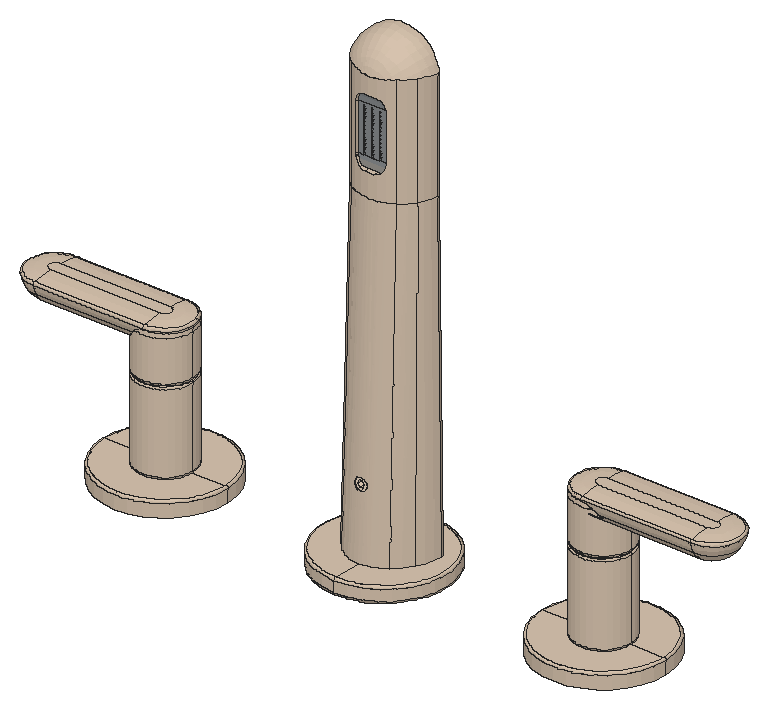
Revit family "Faucet-Wall_Mount-Kitchen-KALLISTA-002-P34125", category Plumbing Fixtures, host Face, Revit 2021
Family settings
  Host = Face
  Round Connector Dimension = Use Diameter
  Part Type = Normal
  OmniClass Number = 23.31.11.00
  OmniClass Title = Faucets
  Cut with Voids When Loaded = No
  Shared = No
  Room Calculation Point = No
Parameters (values of type "BAF-Brushed French Gold")
  Width [instance] = Faucet Hole Spacing  # 8"
  WaterSense Certified = 1 = 0  # no
  Waste Water Outlet = "Waste Water Outlet"  # constant formula
  Waste Connection = 1 = 0  # no
  Vent Connection = 1 = 0  # no
  URL = "https://www.kallista.com/"
  Type = 1
  Spout Reach = 7.18504"  # constant formula
  Product Page URL = "https://www.kallista.com/products/luxury-bathroom/faucets/sink-faucets/002-wall-mount-sink-faucet-lever-handles-p34125-lv/baf-brushed-french-gold"
  Product Name = "002"  # constant formula
  Product Documentation Link = "https://resources.kohler.com/interiors/kallista/pdf/P34125-LV_spec_US-CA_Kallista_en.pdf"
  Pressure = 0.00 psi
  Model = if(Type = 1, "P34125-LV-BAF", if(Type = 2, "P34124-LV-BL", if(Type = 3, "P34125-LV-BN", if(Type = 4, "P34125-LV-CP", if(Type = 5, "P34125-LV-SN", if(Type = 6, "P34125-LV-2MB", "NA"))))))  # "P34125-LV-BAF"
  Material = "Premium Metal Construction"  # constant formula
  Master Format 2014 Name = "Residential Faucets, Supplies, and Trim"  # constant formula
  Master Format 2014 = "22 41 39"  # constant formula
  Manufacturer Address = "444 Highland Dr, Kohler, WI 53044"  # constant formula
  Manufacturer = "Kallista Co."  # constant formula
  Length = Spout Reach  # 7.18504"
  Hot Water Inlet = "Hot Water Inlet"  # constant formula
  Height = 2.29291"  # constant formula
  Handle Clearance = 2.50394"  # constant formula
  HW Connection = 1 = 1  # yes
  Faucet Hole Spacing [instance] = 8"
  Flow Rate = 1.2 GPM  # constant formula
  Finish = Kallista-Metal-BAF-Brushed_French_Gold
  Environmental Product Declaration = ""
  Drain Included = 1 = 1  # yes
  Description = "Capsule Wall Mount Sink Faucet Wide Spread"  # constant formula
  Default Elevation = 36"
  Declare Label = ""
  Date Modified = "12/31/2024"  # constant formula
  Date Created = "11/30/2023"  # constant formula
  Copyright = "Copyright Kallista Co."  # constant formula
  Contact Us = "https://www.kallista.com/corporate/contact-us/"
  Cold Water Inlet = "Cold Water Inlet"  # constant formula
  CW Connection = 1 = 1  # yes
  Assembly Code = "D2010"
  ADA Compliant = 1 = 0  # no
Types (7): name | Type | Product Page URL | Model | Finish
  (no name) | 1 | "https://www.kallista.com/products/luxury-bathroom/faucets/sink-faucets/002-wall-mount-sink-faucet-lever-handles-p34125-lv/baf-brushed-french-gold" | "P34125-LV-BAF" | Kallista-Metal-BAF-Brushed_French_Gold
  BAF-Brushed French Gold | 1 | "https://www.kallista.com/products/luxury-bathroom/faucets/sink-faucets/002-wall-mount-sink-faucet-lever-handles-p34125-lv/baf-brushed-french-gold" | "P34125-LV-BAF" | Kallista-Metal-BAF-Brushed_French_Gold
  SN-Polished Nickel | 5 | "https://www.kallista.com/products/luxury-bathroom/faucets/sink-faucets/002-wall-mount-sink-faucet-lever-handles-p34125-lv/sn-polished-nickel" | "P34125-LV-SN" | Kallista-Metal-SN-Polished_Nickel
  CP-Chrome | 4 | "https://www.kallista.com/products/luxury-bathroom/faucets/sink-faucets/002-wall-mount-sink-faucet-lever-handles-p34125-lv/cp-chrome" | "P34125-LV-CP" | Kallista-Metal-CP-Chrome
  BN-Brushed Nickel | 3 | "https://www.kallista.com/products/luxury-bathroom/faucets/sink-faucets/002-wall-mount-sink-faucet-lever-handles-p34125-lv" | "P34125-LV-BN" | Kallista-Metal-BN-Brushed_Nickel
  BL-Matte Black | 2 | "https://www.kallista.com/products/luxury-bathroom/faucets/sink-faucets/002-wall-mount-sink-faucet-lever-handles-p34125-lv/bl-matte-black" | "P34124-LV-BL" | Kalista-Metal-BL-Matte_Black
  2MB-Brushed Brass | 6 | "" | "P34125-LV-2MB" | Kallista-Metal-2MB-Brushed_Brass
Reference planes (in)
  plane 1 "Center (Front/Back)": y = 0
  plane 2: z = 0
  plane 3 "Center (Left/Right)": x = 0
  plane 4: y = 1.14173
  plane 5: x = -1.14173
  plane 6: x = 1.14173
  plane 7: y = -1.14173
  plane 8: x = -4
  plane 9: x = -2.85765
  plane 10: y = 1.14645
  plane 11: y = -1.14646
  plane 12: y = -0.50394
  plane 13: y = 0.50394
  plane 14: x = -6.50394
  plane 15: x = -5.14235
  plane 16: x = -3.49016
  plane 17: x = -4.50984
  plane 18: z = 8.67064
  plane 19: z = 2.78346
  plane 20: z = 2.27399
  plane 21: z = 0.27559
  plane 22: x = 4
  plane 23: x = 2.85765
  plane 24: x = 6.50394
  plane 25: x = 5.14235
  plane 26: x = 3.49016
  plane 27: x = 4.50984
  plane 28: z = 7.18504
  plane 29: y = -0.29528
Dimensions and locks (in)
  locked: plane 17 to plane 8 at 0.50984
  locked: plane 8 to plane 16 at 0.50984
  locked: plane 8 to plane 15 at 1.14235
  locked: plane 8 to plane 9 at 1.14235
  locked: plane 27 to plane 22 at 0.50984
  locked: plane 22 to plane 26 at 0.50984
  locked: plane 22 to plane 25 at 1.14235
  locked: plane 22 to plane 23 at 1.14235
  "Width": plane 8 to plane 22
  equal spacing: plane 8, plane 3 "Center (Left/Right)", plane 22
  "Height": plane 10 to plane 11
  "Length": plane 28 to plane 2
  "Handle Clearance": plane 24 to plane 22
  "Handle Clearance": plane 14 to plane 8
  plane 15 to plane 9 = 2.28469"
  plane 5 to plane 6 = 2.28346"
  level to plane 19 = 2.78346"
  plane 20 to plane 19 = 0.50947"
  level to plane 20 = 2.27399"
  level to plane 18 = 8.67064"
  plane 14 to plane 16 = 3.01378"
  plane 24 to plane 26 = 3.01378"
  level to plane 21 = 0.27559"
  plane 26 to plane 27 = 1.01969"
  plane 3 "Center (Left/Right)" to plane 8 = 4"
  plane 1 "Center (Front/Back)" to plane 29 = 0.29528"
  plane 2 to plane 28 = 7.18504"
  plane 14 to plane 24 = 13.00787"
  aligned and locked: plane 2 to host face
  aligned and locked: level to host face
  aligned and locked: plane 3 "Center (Left/Right)" to nested 1
  aligned and locked: plane 1 "Center (Front/Back)" to nested 1
  aligned and locked: plane 4 to nested 1
  aligned and locked: plane 7 to nested 1
  aligned and locked: plane 6 to nested 1
  aligned and locked: plane 5 to nested 1
  aligned and locked: plane 8 to nested 2
  aligned and locked: plane 19 to nested 2
  aligned and locked: plane 15 to nested 2
  aligned and locked: plane 9 to nested 2
  aligned and locked: plane 10 to nested 2
  aligned and locked: plane 11 to nested 2
  aligned and locked: plane 12 to nested 2
  aligned and locked: plane 13 to nested 2
  aligned and locked: plane 14 to nested 2
  aligned and locked: plane 18 to nested 1
  aligned and locked: plane 21 to nested 2
  aligned and locked: nested 3 to plane 22
  aligned and locked: nested 3 to plane 25
  aligned and locked: nested 3 to plane 23
  aligned and locked: nested 3 to plane 24
  aligned and locked: plane 10 to nested 3
  aligned and locked: plane 13 to nested 3
  aligned and locked: plane 12 to nested 3
  aligned and locked: plane 11 to nested 3
  aligned and locked: plane 28 to nested 1
  aligned and locked: plane 20 to nested 2
  aligned and locked: plane 20 to nested 3
  aligned and locked: plane 19 to nested 3
  aligned and locked: plane 21 to nested 3
Automatic sketch dimensions
  host sketch curve to host sketch curve = 96"  (x2)
Nested families (in)
  nested 1: "P34125_Spout" at (0, 0, 0), type "P34125_Spout"
  nested 2: "P34125_Handle" at (-4, 0, 0), type "P34125_Handle"
  nested 3: "P34125_Handle" at (4, 0, 0) x (-1, 0, 0) z (0, 0, 1), type "P34125_Handle"
Connectors (in)
  piping at (-4, 0, 0), diameter 0.625, driven by "Flow Rate", driven by "HW Connection", driven by "Hot Water Inlet"
    settings: on nested 2, index 1, connector inside diameter 24", connector length 0", flow factor 0, pipe flow 1.2 GPM, pressure drop 0.00 psi, fitting loss kfactor 0, connector angle 0.00°, fixture units 0, engagement length 0", angle of deflection 0.00°, flow configuration 1, flow direction 1, fitting loss method 0, system type 19, joint type 0, gender type 0, connector reference index -1, connector utility 1, adjustable connector no, is connector primary yes, connector description "Hot Water Inlet"
  piping at (4, 0, 0), diameter 0.625, driven by "Flow Rate", driven by "CW Connection", driven by "Cold Water Inlet"
    settings: on nested 3, index 2, connector inside diameter 24", connector length 0", flow factor 0, pipe flow 1.2 GPM, pressure drop 0.00 psi, fitting loss kfactor 0, connector angle 0.00°, fixture units 0, engagement length 0", angle of deflection 0.00°, flow configuration 1, flow direction 1, fitting loss method 0, system type 20, joint type 0, gender type 0, connector reference index -1, connector utility 1, adjustable connector no, is connector primary no, connector description "Cold Water Inlet"
Definition of nested family "P34125_Spout"
  Parameters
    Material = none
    Default Elevation = 0"
  Reference planes (in)
    plane 1 "Center (Front/Back)": y = 0
    plane 2: z = 0
    plane 3 "Center (Left/Right)": x = 0
    plane 4: x = -1.14173
    plane 5: x = 1.14173
    plane 6: y = 1.14173
    plane 7: y = -1.14173
    plane 8: z = 8.67064
    plane 9: z = 0.27559
    plane 10: z = 7.18504
    plane 11: y = -0.29528
  Forms (in)
    Blend 1, solid, material <- "Material", detail levels medium+fine
      base sketch origin (0, 0, 0) x (1, 0, 0) y (0, 1, 0)
        loop
          arc (-0.77791, 0.35377) -> (-0.79952, 0.33955) -> (-0.80746, 0.31492) r 0.03896
          arc (-0.80746, 0.31492) -> (-0.77246, 0.08464) -> (-0.68191, -0.12997) r 0.93998
          arc (-0.68191, -0.12997) -> (-0.57, -0.29195) -> (-0.43339, -0.43373) r 1.21506
          arc (-0.43339, -0.43373) -> (0, -0.59757) -> (0.43339, -0.43373) r 0.65512
          arc (0.43339, -0.43373) -> (0.57, -0.29195) -> (0.68191, -0.12997) r 1.21506
          arc (0.68191, -0.12997) -> (0.77235, 0.08423) -> (0.80744, 0.31407) r 0.93998
          arc (0.80744, 0.31407) -> (0.79952, 0.33871) -> (0.77792, 0.35295) r 0.03898
          arc (0.77792, 0.35295) -> (0.00005, 0.44878) -> (-0.77791, 0.35377) r 3.21885
      top sketch origin (0, 0, 0) x (1, 0, 0) y (0, 1, 0)
        loop
          arc (-0.61166, -0.01064) -> (-0.52145, -0.12588) -> (-0.40985, -0.22055) r 0.72211
          arc (-0.40985, -0.22055) -> (0, -0.3478) -> (0.40985, -0.22055) r 0.72369
          arc (0.40985, -0.22055) -> (0.52145, -0.12588) -> (0.61166, -0.01064) r 0.72211
          arc (0.61166, -0.01064) -> (0.68757, 0.15439) -> (0.71792, 0.3335) r 0.69203
          arc (0.71792, 0.3335) -> (0.7096, 0.359) -> (0.68677, 0.37309) r 0.03897
          arc (0.68677, 0.37309) -> (0, 0.44256) -> (-0.68677, 0.37309) r 3.43057
          arc (-0.68677, 0.37309) -> (-0.7096, 0.359) -> (-0.71792, 0.3335) r 0.03897
          arc (-0.71792, 0.3335) -> (-0.68757, 0.15439) -> (-0.61166, -0.01064) r 0.69203
      from 0 to 6.13419
    Sweep 2, solid, material <- "Material", detail levels medium+fine
      path origin (0, 0, 0) x (0, 1, 0) y (0, 0, 1)
        loop
          line (0.44256, 6.13419) -> (0.44256, 8.8901)
      profile origin (0, 0.44256, 7.51214) x (0, -1, 0) y (1, 0, 0)
        loop
          arc (0.45321, 0.61166) -> (0.28817, 0.68757) -> (0.10907, 0.71792) r 0.69203
          arc (0.10907, 0.71792) -> (0.08356, 0.7096) -> (0.06947, 0.68677) r 0.03897
          arc (0.06947, 0.68677) -> (0, 0) -> (0.06947, -0.68677) r 3.43057
          arc (0.06947, -0.68677) -> (0.08356, -0.7096) -> (0.10907, -0.71792) r 0.03897
          arc (0.10907, -0.71792) -> (0.28817, -0.68757) -> (0.45321, -0.61166) r 0.69203
          arc (0.45321, -0.61166) -> (0.56844, -0.52145) -> (0.66312, -0.40985) r 0.72211
          arc (0.66312, -0.40985) -> (0.79036, 0) -> (0.66312, 0.40985) r 0.72369
          arc (0.66312, 0.40985) -> (0.56844, 0.52145) -> (0.45321, 0.61166) r 0.72211
    Sweep 3, void
      path origin (0, 0, -0.02461) x (1, 0, 0) y (0, 0, 1)
        loop
          arc (0.7468, 7.95283) -> (-0.00124, 8.70086) -> (-0.74927, 7.95283) r 0.74803
      profile origin (-0.00124, 0, 8.67625) x (0, 0, -1) y (0, -1, 0)
        loop
          arc (0.01906, -0.49341) -> (0.14964, 0.09951) -> (0.69597, 0.36432) r 0.69597
          line (0.69597, 0.36432) -> (0.69597, 0.65945) -> (-0.56739, 0.65945) -> (-0.56739, -0.49341) -> (0.01906, -0.49341)
    Revolve 4, solid, material <- "Material", detail levels medium+fine
      sketch origin (0, 0, 0) x (0, 1, 0) y (0, 0, 1)
        loop
          line (0, 0) -> (1.10444, 0)
          arc (1.10444, 0) -> (1.13081, 0.01092) -> (1.14173, 0.03729) r 0.03729
          line (1.14173, 0.03729) -> (1.14173, 0.23463)
          arc (1.14173, 0.23463) -> (1.12974, 0.26359) -> (1.10077, 0.27559) r 0.04096
          line (1.10077, 0.27559) -> (0, 0.27559) -> (0, 0)
        axis (0, 0) -> (0, 0.27559)
      angle from 0 to 360
    Revolve 5, void
      sketch origin (0, 0, 0) x (0, 1, 0) y (0, 0, 1)
        loop
          line (-0.25396, 1.54626) -> (-0.25396, 1.66154) -> (-0.62222, 1.66154) -> (-0.62222, 1.54626) -> (-0.25396, 1.54626)
        axis (-0.25396, 1.54626) -> (-0.62222, 1.54626)
      angle from 0 to 360
    Revolve 6, solid, detail levels medium+fine
      sketch origin (0, 0, 0) x (0, 1, 0) y (0, 0, 1)
        loop
          line (-0.26709, 1.65545) -> (-0.52116, 1.65545) -> (-0.52116, 1.54849) -> (-0.26709, 1.54849) -> (-0.26709, 1.65545)
        axis (-0.26709, 1.54849) -> (-0.52116, 1.54849)
      angle from 0 to 360
    Extrusion 7, void
      sketch origin (0, -0.08176, -0.02695) x (1, 0, 0) y (0, 0.052336, 0.99863)
        loop
          line (-0.03439, 1.60625) -> (-0.06825, 1.5476) -> (-0.03439, 1.48896) -> (0.03332, 1.48896) -> (0.06718, 1.5476) -> (0.03332, 1.60625) -> (-0.03439, 1.60625)
      from 0.30046 to 0.6929
    Extrusion 8, void
      sketch origin (0, 0, 0) x (1, 0, 0) y (0, 0, 1)
        loop
          line (-0.28038, 7.6149) -> (-0.28038, 6.75476)
          arc (-0.28038, 6.75476) -> (-0.22281, 6.6158) -> (-0.08385, 6.55823) r 0.19653
          line (-0.08385, 6.55823) -> (0.08127, 6.55823)
          arc (0.08127, 6.55823) -> (0.21911, 6.61533) -> (0.27621, 6.75317) r 0.19494
          line (0.27621, 6.75317) -> (0.27621, 7.62026)
          arc (0.27621, 7.62026) -> (0.21957, 7.757) -> (0.08283, 7.81365) r 0.19338
          line (0.08283, 7.81365) -> (-0.08163, 7.81365)
          arc (-0.08163, 7.81365) -> (-0.22217, 7.75544) -> (-0.28038, 7.6149) r 0.19874
      from 0 to 0.70867
    Extrusion 9, solid, detail levels medium+fine
      sketch origin (0, 0, 0) x (1, 0, 0) y (0, 0, 1)
        loop
          arc (-0.11579, 7.78984) -> (-0.22335, 7.74528) -> (-0.2679, 7.63772) r 0.15211
          line (-0.2679, 7.63772) -> (-0.2679, 6.73599)
          arc (-0.2679, 6.73599) -> (-0.22295, 6.62746) -> (-0.11442, 6.5825) r 0.15348
          line (-0.11442, 6.5825) -> (0.11442, 6.5825)
          arc (0.11442, 6.5825) -> (0.22295, 6.62746) -> (0.2679, 6.73599) r 0.15348
          line (0.2679, 6.73599) -> (0.2679, 7.63772)
          arc (0.2679, 7.63772) -> (0.22335, 7.74528) -> (0.11579, 7.78984) r 0.15211
          line (0.11579, 7.78984) -> (-0.11579, 7.78984)
      from 0 to 0.52116
    Extrusion 10, void
      sketch origin (0, 0, 0) x (0, 1, 0) y (0, 0, 1)
        loop
          line (-0.25014, 6.75744) -> (-0.25014, 7.6149)
          arc (-0.25014, 7.6149) -> (-0.34945, 7.90421) -> (-0.60549, 8.07155) r 0.47109
          line (-0.60549, 8.07155) -> (-0.60549, 6.30079)
          arc (-0.60549, 6.30079) -> (-0.34945, 6.46813) -> (-0.25014, 6.75744) r 0.47109
      from -1.04991 to 1.33856
    Extrusion 11, void
      sketch origin (0.0123, 5.27483, 12.5197) x (1, 0, 0) y (0, 0, 1)
        loop
          line (-0.18118, -4.95414) -> (-0.18118, -5.00169) -> (-0.14232, -5.00169) -> (-0.14232, -4.95414) -> (-0.18118, -4.95414)
        loop
          line (-0.18118, -5.01713) -> (-0.18118, -5.06468) -> (-0.14232, -5.06468) -> (-0.14232, -5.01713) -> (-0.18118, -5.01713)
        loop
          line (-0.18118, -5.08051) -> (-0.18118, -5.12807) -> (-0.14232, -5.12807) -> (-0.14232, -5.08051) -> (-0.18118, -5.08051)
        loop
          line (-0.18118, -5.1439) -> (-0.18118, -5.19146) -> (-0.14232, -5.19146) -> (-0.14232, -5.1439) -> (-0.18118, -5.1439)
        loop
          line (-0.18118, -5.20729) -> (-0.18118, -5.25484) -> (-0.14232, -5.25484) -> (-0.14232, -5.20729) -> (-0.18118, -5.20729)
        loop
          line (-0.18118, -5.27067) -> (-0.18118, -5.31823) -> (-0.14232, -5.31823) -> (-0.14232, -5.27067) -> (-0.18118, -5.27067)
        loop
          line (-0.18118, -5.33406) -> (-0.18118, -5.38161) -> (-0.14232, -5.38161) -> (-0.14232, -5.33406) -> (-0.18118, -5.33406)
        loop
          line (-0.18118, -5.39744) -> (-0.18118, -5.445) -> (-0.14232, -5.445) -> (-0.14232, -5.39744) -> (-0.18118, -5.39744)
        loop
          line (-0.18118, -5.46083) -> (-0.18118, -5.50839) -> (-0.14232, -5.50839) -> (-0.14232, -5.46083) -> (-0.18118, -5.46083)
        loop
          line (-0.18118, -5.52421) -> (-0.18118, -5.57177) -> (-0.14232, -5.57177) -> (-0.14232, -5.52421) -> (-0.18118, -5.52421)
        loop
          line (-0.18118, -5.5876) -> (-0.18118, -5.63516) -> (-0.14232, -5.63516) -> (-0.14232, -5.5876) -> (-0.18118, -5.5876)
        loop
          line (-0.18118, -5.65099) -> (-0.18118, -5.69854) -> (-0.14232, -5.69854) -> (-0.14232, -5.65099) -> (-0.18118, -5.65099)
        loop
          line (-0.18118, -5.71437) -> (-0.18118, -5.76193) -> (-0.14232, -5.76193) -> (-0.14232, -5.71437) -> (-0.18118, -5.71437)
        loop
          line (0.00443, -4.95414) -> (-0.03443, -4.95414) -> (-0.03443, -5.00169) -> (0.00443, -5.00169) -> (0.00443, -4.95414)
        loop
          line (0.00443, -5.01713) -> (-0.03443, -5.01713) -> (-0.03443, -5.06468) -> (0.00443, -5.06468) -> (0.00443, -5.01713)
        loop
          line (0.00443, -5.08051) -> (-0.03443, -5.08051) -> (-0.03443, -5.12807) -> (0.00443, -5.12807) -> (0.00443, -5.08051)
        loop
          line (0.00443, -5.1439) -> (-0.03443, -5.1439) -> (-0.03443, -5.19146) -> (0.00443, -5.19146) -> (0.00443, -5.1439)
        loop
          line (0.00443, -5.20729) -> (-0.03443, -5.20729) -> (-0.03443, -5.25484) -> (0.00443, -5.25484) -> (0.00443, -5.20729)
        loop
          line (0.00443, -5.27067) -> (-0.03443, -5.27067) -> (-0.03443, -5.31823) -> (0.00443, -5.31823) -> (0.00443, -5.27067)
        loop
          line (0.00443, -5.33406) -> (-0.03443, -5.33406) -> (-0.03443, -5.38161) -> (0.00443, -5.38161) -> (0.00443, -5.33406)
        loop
          line (0.00443, -5.39744) -> (-0.03443, -5.39744) -> (-0.03443, -5.445) -> (0.00443, -5.445) -> (0.00443, -5.39744)
        loop
          line (0.00443, -5.46083) -> (-0.03443, -5.46083) -> (-0.03443, -5.50839) -> (0.00443, -5.50839) -> (0.00443, -5.46083)
        loop
          line (0.00443, -5.52421) -> (-0.03443, -5.52421) -> (-0.03443, -5.57177) -> (0.00443, -5.57177) -> (0.00443, -5.52421)
        loop
          line (0.00443, -5.5876) -> (-0.03443, -5.5876) -> (-0.03443, -5.63516) -> (0.00443, -5.63516) -> (0.00443, -5.5876)
        loop
          line (0.00443, -5.65099) -> (-0.03443, -5.65099) -> (-0.03443, -5.69854) -> (0.00443, -5.69854) -> (0.00443, -5.65099)
        loop
          line (0.00443, -5.71437) -> (-0.03443, -5.71437) -> (-0.03443, -5.76193) -> (0.00443, -5.76193) -> (0.00443, -5.71437)
        loop
          line (0.10062, -4.95414) -> (0.10062, -5.00169) -> (0.13947, -5.00169) -> (0.13947, -4.95414) -> (0.10062, -4.95414)
        loop
          line (0.10062, -5.01713) -> (0.10062, -5.06468) -> (0.13947, -5.06468) -> (0.13947, -5.01713) -> (0.10062, -5.01713)
        loop
          line (0.10062, -5.08051) -> (0.10062, -5.12807) -> (0.13947, -5.12807) -> (0.13947, -5.08051) -> (0.10062, -5.08051)
        loop
          line (0.10062, -5.1439) -> (0.10062, -5.19146) -> (0.13947, -5.19146) -> (0.13947, -5.1439) -> (0.10062, -5.1439)
        loop
          line (0.10062, -5.20729) -> (0.10062, -5.25484) -> (0.13947, -5.25484) -> (0.13947, -5.20729) -> (0.10062, -5.20729)
        loop
          line (0.10062, -5.27067) -> (0.10062, -5.31823) -> (0.13947, -5.31823) -> (0.13947, -5.27067) -> (0.10062, -5.27067)
        loop
          line (0.10062, -5.33406) -> (0.10062, -5.38161) -> (0.13947, -5.38161) -> (0.13947, -5.33406) -> (0.10062, -5.33406)
        loop
          line (0.10062, -5.39744) -> (0.10062, -5.445) -> (0.13947, -5.445) -> (0.13947, -5.39744) -> (0.10062, -5.39744)
        loop
          line (0.10062, -5.46083) -> (0.10062, -5.50839) -> (0.13947, -5.50839) -> (0.13947, -5.46083) -> (0.10062, -5.46083)
        loop
          line (0.10062, -5.52421) -> (0.10062, -5.57177) -> (0.13947, -5.57177) -> (0.13947, -5.52421) -> (0.10062, -5.52421)
        loop
          line (0.10062, -5.5876) -> (0.10062, -5.63516) -> (0.13947, -5.63516) -> (0.13947, -5.5876) -> (0.10062, -5.5876)
        loop
          line (0.10062, -5.65099) -> (0.10062, -5.69854) -> (0.13947, -5.69854) -> (0.13947, -5.65099) -> (0.10062, -5.65099)
        loop
          line (0.10062, -5.71437) -> (0.10062, -5.76193) -> (0.13947, -5.76193) -> (0.13947, -5.71437) -> (0.10062, -5.71437)
      from 5.16363 to 7.18576
    Extrusion 12, solid, material <- "Material", detail levels coarse
      sketch origin (0, 0.04968, 0) x (1, 0, 0) y (0, 0, 1)
        loop
          line (0.80342, 0.27559) -> (0.72035, 7.97029)
          arc (0.72035, 7.97029) -> (0.00001, 8.68289) -> (-0.72032, 7.97029) r 0.72038
          line (-0.72032, 7.97029) -> (-0.80344, 0.27559) -> (0.80342, 0.27559)
      from -0.39459 to 0.63603
    Revolve 13, solid, material <- "Material", detail levels coarse
      sketch origin (0, 0, 0) x (0, 1, 0) y (0, 0, 1)
        loop
          line (0, 0) -> (1.14173, 0) -> (1.14173, 0.27559) -> (0, 0.27559) -> (0, 0)
        axis (0, 0) -> (0, 0.27559)
      angle from 0 to 360
  Cuts and joins
    Sweep 3, Extrusion 8 cuts Sweep 2
    Revolve 5, Extrusion 7 cuts Blend 1
    joined: Blend 1, Revolve 4
    Extrusion 7 cuts Revolve 6
    Extrusion 10, Extrusion 11 cuts Extrusion 9
    joined: Extrusion 12, Revolve 13
  Lines and regions (in)
    Masking region 1
      outline origin (0, 0, 0) x (1, 0, 0) y (0, 1, 0)
        loop
          arc (-0.43305, 1.05642) -> (-0.82584, 0.78838) -> (-1.07537, 0.38357) r 1.14173
          arc (-1.07537, 0.38357) -> (-1.12497, 0.22497) -> (-1.14173, 0.05965) r 0.82377
          line (-1.14173, 0.05965) -> (-1.14173, 0.02815)
          arc (-1.14173, 0.02815) -> (-1.11088, -0.24936) -> (-1.01983, -0.51331) r 1.26353
          arc (-1.01983, -0.51331) -> (-0.71833, -0.88744) -> (-0.28961, -1.10439) r 1.14173
          arc (-0.28961, -1.10439) -> (-0.15419, -1.13235) -> (-0.01623, -1.14173) r 1.01935
          line (-0.01623, -1.14173) -> (0.01526, -1.14173)
          arc (0.01526, -1.14173) -> (0.22001, -1.12182) -> (0.41709, -1.06282) r 1.06254
          arc (0.41709, -1.06282) -> (0.86852, -0.7411) -> (1.11521, -0.24467) r 1.14173
          arc (1.11521, -0.24467) -> (1.13705, -0.10494) -> (1.14173, 0.0364) r 1.16104
          line (1.14173, 0.0364) -> (1.14173, 0.0679)
          arc (1.14173, 0.0679) -> (1.13614, 0.14688) -> (1.11948, 0.22429) r 0.5608
          arc (1.11948, 0.22429) -> (0.88747, 0.71829) -> (0.45266, 1.04816) r 1.14173
          arc (0.45266, 1.04816) -> (0.24156, 1.11807) -> (0.02044, 1.14173) r 1.04509
          line (0.02044, 1.14173) -> (-0.01106, 1.14173)
          arc (-0.01106, 1.14173) -> (-0.22632, 1.12019) -> (-0.43305, 1.05642) r 1.08631
    Masking region 2
      outline origin (0, 0, 0) x (1, 0, 0) y (0, 0, 1)
        loop
          arc (1.10874, 0) -> (1.13207, 0.00966) -> (1.14173, 0.03299) r 0.03299
          line (1.14173, 0.03299) -> (1.14173, 0.2326)
          arc (1.14173, 0.2326) -> (1.12914, 0.263) -> (1.09874, 0.27559) r 0.04299
          line (1.09874, 0.27559) -> (0.77187, 0.27559)
          arc (0.77187, 0.27559) -> (0.7965, 0.28573) -> (0.80683, 0.31) r 0.03497
          arc (0.80683, 0.31) -> (0.80595, 0.49685) -> (0.80027, 0.68362) r 7.28056
          arc (0.80027, 0.68362) -> (0.74708, 2.34522) -> (0.73122, 4.0076) r 74.01378
          arc (0.73122, 4.0076) -> (0.72921, 5.98419) -> (0.71649, 7.96074) r 364.85863
          arc (0.71649, 7.96074) -> (0.57699, 8.37902) -> (0.21899, 8.63642) r 0.71652
          arc (0.21899, 8.63642) -> (0.12087, 8.66202) -> (0.01983, 8.67064) r 0.59681
          line (0.01983, 8.67064) -> (-0.01167, 8.67064)
          arc (-0.01167, 8.67064) -> (-0.09662, 8.66488) -> (-0.18002, 8.64773) r 0.63005
          arc (-0.18002, 8.64773) -> (-0.56473, 8.39519) -> (-0.71649, 7.96074) r 0.71652
          arc (-0.71649, 7.96074) -> (-0.72921, 5.98419) -> (-0.73122, 4.0076) r 364.85863
          arc (-0.73122, 4.0076) -> (-0.74708, 2.34522) -> (-0.80027, 0.68362) r 74.01378
          arc (-0.80027, 0.68362) -> (-0.80595, 0.49685) -> (-0.80684, 0.31028) r 7.28056
          arc (-0.80684, 0.31028) -> (-0.7965, 0.28573) -> (-0.77187, 0.27559) r 0.03497
          line (-0.77187, 0.27559) -> (-1.09874, 0.27559)
          arc (-1.09874, 0.27559) -> (-1.12914, 0.263) -> (-1.14173, 0.2326) r 0.04299
          line (-1.14173, 0.2326) -> (-1.14173, 0.03299)
          arc (-1.14173, 0.03299) -> (-1.13207, 0.00966) -> (-1.10874, 0) r 0.03299
          line (-1.10874, 0) -> (1.10874, 0)
    Masking region 3
      outline origin (0, 0, 0) x (0, 1, 0) y (0, 0, 1)
        loop
          line (1.14173, 0.03913) -> (1.14173, 0.23686)
          arc (1.14173, 0.23686) -> (1.13039, 0.26425) -> (1.103, 0.27559) r 0.03873
          line (1.103, 0.27559) -> (0.42454, 0.27559)
          arc (0.42454, 0.27559) -> (0.43771, 0.28924) -> (0.44251, 0.30759) r 0.03748
          line (0.44251, 0.30759) -> (0.44251, 7.95057)
          arc (0.44251, 7.95057) -> (0.42554, 8.29524) -> (0.37479, 8.63659) r 3.50904
          arc (0.37479, 8.63659) -> (0.36013, 8.66104) -> (0.33329, 8.67064) r 0.04232
          line (0.33329, 8.67064) -> (0.29786, 8.67064)
          arc (0.29786, 8.67064) -> (0.22541, 8.65862) -> (0.15429, 8.64026) r 0.83278
          arc (0.15429, 8.64026) -> (-0.20906, 8.38456) -> (-0.35072, 7.96344) r 0.7137
          line (-0.35072, 7.96344) -> (-0.35072, 7.85733)
          arc (-0.35072, 7.85733) -> (-0.33657, 7.82002) -> (-0.31831, 7.78454) r 0.35462
          line (-0.31831, 7.78454) -> (-0.31831, 7.70311)
          arc (-0.31831, 7.70311) -> (-0.30107, 7.63343) -> (-0.29528, 7.56189) r 0.44433
          line (-0.29528, 7.56189) -> (-0.29528, 6.80328)
          arc (-0.29528, 6.80328) -> (-0.30107, 6.73174) -> (-0.31831, 6.66206) r 0.44433
          line (-0.31831, 6.66206) -> (-0.31831, 6.58063)
          arc (-0.31831, 6.58063) -> (-0.33657, 6.54515) -> (-0.35072, 6.50784) r 0.35462
          line (-0.35072, 6.50784) -> (-0.35072, 6.40173)
          arc (-0.35072, 6.40173) -> (-0.35204, 5.98956) -> (-0.35598, 5.57742) r 64.63598
          arc (-0.35598, 5.57742) -> (-0.35932, 5.34193) -> (-0.36334, 5.10646) r 82.20036
          arc (-0.36334, 5.10646) -> (-0.36753, 4.94167) -> (-0.374, 4.77696) r 11.87676
          arc (-0.374, 4.77696) -> (-0.38941, 4.42335) -> (-0.4029, 4.06965) r 65.43397
          arc (-0.4029, 4.06965) -> (-0.42004, 3.67424) -> (-0.44342, 3.27915) r 25.0582
          arc (-0.44342, 3.27915) -> (-0.45424, 3.09479) -> (-0.46194, 2.91027) r 10.95361
          arc (-0.46194, 2.91027) -> (-0.4676, 2.77571) -> (-0.47563, 2.64128) r 7.66624
          arc (-0.47563, 2.64128) -> (-0.49076, 2.39933) -> (-0.50301, 2.15722) r 20.31281
          arc (-0.50301, 2.15722) -> (-0.51546, 1.91687) -> (-0.53138, 1.67672) r 16.67974
          arc (-0.53138, 1.67672) -> (-0.52267, 1.54568) -> (-0.5462, 1.41647) r 0.53419
          line (-0.5462, 1.41647) -> (-0.60123, 0.31496)
          arc (-0.60123, 0.31496) -> (-0.59784, 0.29368) -> (-0.58614, 0.27559) r 0.05216
          line (-0.58614, 0.27559) -> (-1.103, 0.27559)
          arc (-1.103, 0.27559) -> (-1.13039, 0.26425) -> (-1.14173, 0.23686) r 0.03873
          line (-1.14173, 0.23686) -> (-1.14173, 0.03913)
          arc (-1.14173, 0.03913) -> (-1.13027, 0.01146) -> (-1.10261, 0) r 0.03913
          line (-1.10261, 0) -> (1.10261, 0)
          arc (1.10261, 0) -> (1.13027, 0.01146) -> (1.14173, 0.03913) r 0.03913
    symbolic lines, detail levels medium+fine
      curve 1: line (-0.77143, 0, 0.27559) -> (0.77143, 0, 0.27559)
      curve 2: arc (0.77143, 0, 0.27559) -> (0.77119, 0, 0.47968) -> (0.76523, 0, 0.68368) r 7.28056
      curve 3: arc (0.76523, 0, 0.68368) -> (0.71204, 0, 2.34528) -> (0.69618, 0, 4.00766) r 74.01378
      curve 4: arc (0.69618, 0, 4.00766) -> (0.69416, 0, 5.98582) -> (0.68142, 0, 7.96394) r 364.82359
      curve 5: line (0.80684, 0, 0.31028) -> (-0.80684, 0, 0.31028)
      curve 6: arc (-0.77143, 0, 0.27559) -> (-0.77119, 0, 0.47968) -> (-0.76523, 0, 0.68368) r 7.28056
      curve 7: arc (-0.76523, 0, 0.68368) -> (-0.71204, 0, 2.34528) -> (-0.69618, 0, 4.00766) r 74.01378
      curve 8: arc (-0.69618, 0, 4.00766) -> (-0.69416, 0, 5.98582) -> (-0.68142, 0, 7.96394) r 364.82359
      curve 9: line (1.14173, 0, 0.2326) -> (-1.14173, 0, 0.2326)
      curve 10: line (-1.14173, 0, 0.03299) -> (1.14173, 0, 0.03299)
      curve 11: arc (0.68142, 0, 7.96394) -> (0, 0, 8.63915) -> (-0.68142, 0, 7.96394) r 0.68145
      curve 12: line (0.71649, 0, 7.96074) -> (-0.71649, 0, 7.96074)
      curve 13: line (0, 0.29786, 8.67064) -> (0, 0.29786, 0.27559)
      curve 14: line (0, 0.42454, 0.27559) -> (0, -0.58614, 0.27559)
      curve 15: line (0, 0.44251, 0.30759) -> (0, -0.6016, 0.30759)
      curve 16: line (0, 1.14173, 0.23686) -> (0, -1.14173, 0.23686)
      curve 17: line (0, -1.14173, 0.03913) -> (0, 1.14173, 0.03913)
      curve 18: line (0, 0.37479, 8.63659) -> (0, 0.37479, 0.27559)
      curve 19: line (0, -0.35072, 7.85733) -> (0, 0.44251, 7.85733)
      curve 20: line (0, -0.2842, 7.62267) -> (0, -0.2842, 6.74269)
      curve 21: arc (0, -0.31831, 7.78454) -> (0, -0.29282, 7.70538) -> (0, -0.2842, 7.62267) r 0.40108
      curve 22: arc (0, -0.2842, 6.74269) -> (0, -0.29282, 6.65988) -> (0, -0.31831, 6.58063) r 0.40195
      curve 23: circle (0, 0, 0) r 1.10127 normal (0, 0, 1)
      curve 24: arc (-0.77791, 0.35377, 0) -> (-0.74382, 0.36204, 0) -> (-0.70964, 0.36995, 0) r 3.21885
      curve 25: arc (-0.68191, -0.12997, 0) -> (-0.57, -0.29195, 0) -> (-0.43339, -0.43373, 0) r 1.21506
      curve 26: arc (-0.68191, -0.12997, 0) -> (-0.77246, 0.08464, 0) -> (-0.80746, 0.31492, 0) r 0.93998
      curve 27: arc (-0.80746, 0.31492, 0) -> (-0.79952, 0.33955, 0) -> (-0.77791, 0.35377, 0) r 0.03896
      curve 28: arc (0.68191, -0.12997, 0) -> (0.57, -0.29195, 0) -> (0.43339, -0.43373, 0) r 1.21506
      curve 29: arc (-0.43339, -0.43373, 0) -> (0, -0.59757, 0) -> (0.43339, -0.43373, 0) r 0.65512
      curve 30: arc (0.68191, -0.12997, 0) -> (0.77235, 0.08423, 0) -> (0.80744, 0.31407, 0) r 0.93998
      curve 31: arc (0.80744, 0.31407, 0) -> (0.79952, 0.33871, 0) -> (0.77792, 0.35295, 0) r 0.03898
      curve 32: line (0.68742, 0.37389, 0) -> (-0.69189, 0.37389, 0)
      curve 33: arc (-0.61141, -0.01092, 0) -> (-0.13207, -0.33789, 0) -> (0.43252, -0.20405, 0) r 0.71844
      curve 34: arc (-0.71618, 0.34937, 0) -> (-0.68859, 0.16202, 0) -> (-0.61141, -0.01092, 0) r 0.69459
      curve 35: arc (-0.69189, 0.37389, 0) -> (-0.70915, 0.36669, 0) -> (-0.71618, 0.34937, 0) r 0.02429
      curve 36: arc (-0.70964, 0.36995, 0) -> (-0.69562, 0.37307, 0) -> (-0.6816, 0.37614, 0) r 3.21885
      curve 37: arc (-0.6816, 0.37614, 0) -> (-0.01466, 0.44875, 0) -> (0.65284, 0.38154, 0) r 3.21885
      curve 38: arc (0.71612, 0.34472, 0) -> (0.63868, 0.03707, 0) -> (0.43252, -0.20405, 0) r 0.69459
      curve 39: arc (0.65284, 0.38154, 0) -> (0.68737, 0.37417, 0) -> (0.72182, 0.36642, 0) r 3.21885
      curve 40: arc (0.72182, 0.36642, 0) -> (0.7499, 0.35982, 0) -> (0.77792, 0.35295, 0) r 3.21885
      curve 41: line (-0.71618, 0.34937, 0) -> (0.71612, 0.3446, 0)
      curve 42: line (-0.71618, 0.34937, 0) -> (-0.80746, 0.31492, 0)
      curve 43: line (0.71612, 0.3446, 0) -> (0.80744, 0.31407, 0)
      curve 44: spline (0.13441, -0.5377, 0) -> (0.12983, -0.53502, 0) -> (0.11641, -0.53254, 0) -> (0.09504, -0.5304, 0) -> (0.06721, -0.52876, 0) -> (0.03479, -0.52773, 0) -> (0, -0.52738, 0) -> (-0.03479, -0.52773, 0) -> (-0.06721, -0.52876, 0) -> (-0.09504, -0.5304, 0) -> (-0.11641, -0.53254, 0) -> (-0.12983, -0.53502, 0) -> (-0.13441, -0.5377, 0) -> (-0.12983, -0.54037, 0) -> (-0.11641, -0.54285, 0) -> (-0.09504, -0.54499, 0) -> (-0.06721, -0.54663, 0) -> (-0.03479, -0.54766, 0) -> (0, -0.54801, 0) -> (0.03479, -0.54766, 0) -> (0.06721, -0.54663, 0) -> (0.09504, -0.54499, 0) -> (0.11641, -0.54285, 0) -> (0.12983, -0.54037, 0) -> (0.13441, -0.5377, 0)
      curve 45: arc (0.71612, 0.34472, 0) -> (0.70788, 0.36532, 0) -> (0.68742, 0.37389, 0) r 0.02871
  Dimensions and locks (in)
    plane 7 to plane 6 = 2.28346"
    plane 4 to plane 5 = 2.28346"
    plane 8 to level = 8.67064"
    plane 9 to level = 0.27559"  (x2)
    aligned and locked: plane 2 to level
    aligned and locked: Masking region 2 sketch curve to plane 8
    aligned and locked: plane 5 to Masking region 2 sketch curve
    aligned and locked: Masking region 3 sketch curve to plane 8
    aligned and locked: plane 11 to Masking region 3 sketch curve
    aligned and locked: plane 4 to Masking region 1 sketch curve
    aligned and locked: plane 5 to Masking region 1 sketch curve
Definition of nested family "P34125_Handle"
  Parameters
    Material = none
    Default Elevation = 0"
  Reference planes (in)
    plane 1 "Center (Front/Back)": y = 0
    plane 2: z = 0
    plane 3 "Center (Left/Right)": x = 0
    plane 4: x = -2.50394
    plane 5: y = 1.14645
    plane 6: y = -1.14645
    plane 7: x = 1.14235
    plane 8: y = -0.50394
    plane 9: y = 0.50394
    plane 10: z = 2.78346
    plane 11: z = 2.27399
    plane 12: x = -0.50984
    plane 13: x = 0.50984
    plane 14: x = -1.14235
    plane 15: z = 0.27559
  Forms (in)
    Revolve 1, solid, material <- "Material", detail levels medium+fine
      sketch origin (0, 0, 0) x (1, 0, 0) y (0, 0, 1)
        loop
          line (0, 0) -> (0, 1.86975) -> (-0.43834, 1.86975) -> (-0.43834, 1.78309)
          arc (-0.43834, 1.78309) -> (-0.4443, 1.7687) -> (-0.45869, 1.76274) r 0.02035
          line (-0.45869, 1.76274) -> (-0.48988, 1.76274)
          arc (-0.48988, 1.76274) -> (-0.504, 1.7569) -> (-0.50984, 1.74278) r 0.01996
          line (-0.50984, 1.74278) -> (-0.50984, 0.30008)
          arc (-0.50984, 0.30008) -> (-0.50548, 0.28545) -> (-0.49383, 0.2756) r 0.02671
          line (-0.49383, 0.2756) -> (-1.10187, 0.2756)
          arc (-1.10187, 0.2756) -> (-1.13049, 0.26375) -> (-1.14235, 0.23513) r 0.04048
          line (-1.14235, 0.23513) -> (-1.14235, 0) -> (0, 0)
        axis (0, 1.86975) -> (0, 0)
      angle from 0 to 360
    Sweep 2, solid, material <- "Material", detail levels medium+fine
      path origin (0, 0, 0) x (1, 0, 0) y (0, 1, 0)
        loop
          arc (-1.99905, 0.50394) -> (-2.50299, 0) -> (-1.99905, -0.50394) r 0.50394
          line (-1.99905, -0.50394) -> (0.00365, -0.50394)
          arc (0.00365, -0.50394) -> (0.50759, 0) -> (0.00365, 0.50394) r 0.50394
          line (0.00365, 0.50394) -> (-1.99905, 0.50394)
      profile origin (-0.9977, 0.50394, 0) x (0, 1, 0) y (0, 0, 1)
        loop
          arc (-0.07473, 2.48414) -> (-0.02779, 2.57659) -> (-0.0007, 2.67666) r 0.50531
          arc (-0.0007, 2.67666) -> (-0.00724, 2.70603) -> (-0.03223, 2.72279) r 0.04051
          arc (-0.03223, 2.72279) -> (-0.20937, 2.75096) -> (-0.38848, 2.76039) r 1.70688
          line (-0.38848, 2.76039) -> (-0.46934, 2.76039) -> (-0.46934, 2.28328) -> (-0.38697, 2.28328)
          arc (-0.38697, 2.28328) -> (-0.30868, 2.29415) -> (-0.2363, 2.32592) r 0.28749
          arc (-0.2363, 2.32592) -> (-0.14665, 2.39598) -> (-0.07473, 2.48414) r 0.51061
    Extrusion 3, solid, material <- "Material", detail levels medium+fine
      sketch origin (0, 0, 0) x (1, 0, 0) y (0, 1, 0)
        loop
          arc (-1.99905, 0.03459) -> (-2.03364, 0) -> (-1.99905, -0.03459) r 0.03459
          line (-1.99905, -0.03459) -> (0.00365, -0.03459)
          arc (0.00365, -0.03459) -> (0.03824, 0) -> (0.00365, 0.03459) r 0.03459
          line (0.00365, 0.03459) -> (-1.99905, 0.03459)
      from 2.28328 to 2.76039
    Revolve 4, solid, material <- "Material", detail levels medium+fine
      sketch origin (0, 0, 0) x (1, 0, 0) y (0, 0, 1)
        loop
          line (0.50967, 1.82598) -> (0.50967, 2.57827)
          arc (0.50967, 2.57827) -> (0.5041, 2.64165) -> (0.48757, 2.70309) r 0.36351
          line (0.48757, 2.70309) -> (0, 2.70309) -> (0, 1.80135) -> (0.48504, 1.80135)
          arc (0.48504, 1.80135) -> (0.50246, 1.80857) -> (0.50967, 1.82598) r 0.02462
        axis (0, 1.80135) -> (0, 2.70309)
      angle from 0 to 360
    Extrusion 5, solid, material <- "Material"
      sketch origin (0, 0, 0) x (1, 0, 0) y (0, 1, 0)
        loop
          circle (0, 0) r 0.07874
      from 0 to 0.03646
    Extrusion 6, solid, material <- "Material", detail levels coarse
      sketch origin (0, 0, 0) x (1, 0, 0) y (0, 1, 0)
        loop
          arc (-1.99905, 0.50394) -> (-2.50299, 0) -> (-1.99905, -0.50394) r 0.50394
          line (-1.99905, -0.50394) -> (0.00365, -0.50394)
          arc (0.00365, -0.50394) -> (0.50759, 0) -> (0.00365, 0.50394) r 0.50394
          line (0.00365, 0.50394) -> (-1.99905, 0.50394)
      from 2.27149 to 2.78602
    Revolve 7, solid, material <- "Material", detail levels coarse
      sketch origin (0, 0, 0) x (1, 0, 0) y (0, 0, 1)
        loop
          line (0, 0) -> (0, 2.74142) -> (-0.41703, 2.74142)
          arc (-0.41703, 2.74142) -> (-0.48616, 2.5894) -> (-0.50984, 2.42409) r 0.5889
          line (-0.50984, 2.42409) -> (-0.50984, 1.96335) -> (-0.43834, 1.96335) -> (-0.39272, 1.93806) -> (-0.50984, 1.93806) -> (-0.50984, 0.27748) -> (-1.14235, 0.27748) -> (-1.14235, 0) -> (0, 0)
        axis (0, 2.74142) -> (0, 0)
      angle from 0 to 360
  Cuts and joins
    joined: Sweep 2, Extrusion 3
  Lines and regions (in)
    Masking region 1
      outline origin (0, 0, 0) x (1, 0, 0) y (0, 1, 0)
        loop
          arc (-2.0018, 0.50394) -> (-2.3336, 0.3793) -> (-2.50126, 0.06703) r 0.50394
          arc (-2.50126, 0.06703) -> (-2.50327, 0.04142) -> (-2.50394, 0.01575) r 0.49282
          line (-2.50394, 0.01575) -> (-2.50394, -0.01514)
          arc (-2.50394, -0.01514) -> (-2.50083, -0.06734) -> (-2.49154, -0.1188) r 0.43945
          arc (-2.49154, -0.1188) -> (-2.31332, -0.39612) -> (-2.0018, -0.50394) r 0.50394
          line (-2.0018, -0.50394) -> (-1.02976, -0.50394)
          arc (-1.02976, -0.50394) -> (-0.82641, -0.79461) -> (-0.54394, -1.0092) r 1.14645
          arc (-0.54394, -1.0092) -> (-0.28861, -1.11158) -> (-0.01575, -1.14645) r 1.08495
          line (-0.01575, -1.14645) -> (0.01575, -1.14645)
          arc (0.01575, -1.14645) -> (0.37156, -1.08731) -> (0.68911, -0.91623) r 1.09985
          arc (0.68911, -0.91623) -> (0.98876, -0.58027) -> (1.13595, -0.15484) r 1.14645
          arc (1.13595, -0.15484) -> (1.14073, -0.07756) -> (1.14233, -0.00015) r 1.87797
          line (1.14233, -0.00015) -> (1.14233, 0.03134)
          arc (1.14233, 0.03134) -> (1.14057, 0.09549) -> (1.13531, 0.15944) r 1.17249
          arc (1.13531, 0.15944) -> (0.92354, 0.67929) -> (0.49036, 1.03629) r 1.14645
          arc (0.49036, 1.03629) -> (0.26378, 1.11854) -> (0.02437, 1.14645) r 1.04068
          line (0.02437, 1.14645) -> (-0.00713, 1.14645)
          arc (-0.00713, 1.14645) -> (-0.21276, 1.12721) -> (-0.41126, 1.07015) r 1.10836
          arc (-0.41126, 1.07015) -> (-0.77413, 0.84562) -> (-1.02976, 0.50394) r 1.14645
          line (-1.02976, 0.50394) -> (-2.0018, 0.50394)
    Masking region 2
      outline origin (0, 0, 0) x (1, 0, 0) y (0, 0, 1)
        loop
          line (-1.99936, 2.27399) -> (-0.84884, 2.27399)
          arc (-0.84884, 2.27399) -> (-0.60913, 2.1747) -> (-0.50984, 1.935) r 0.33899
          line (-0.50984, 1.935) -> (-0.50984, 1.82021)
          arc (-0.50984, 1.82021) -> (-0.50403, 1.80618) -> (-0.49, 1.80037) r 0.01984
          line (-0.49, 1.80037) -> (-0.4591, 1.80037) -> (-0.43984, 1.76266) -> (-0.49004, 1.76266)
          arc (-0.49004, 1.76266) -> (-0.50404, 1.75686) -> (-0.50984, 1.74286) r 0.01981
          line (-0.50984, 1.74286) -> (-0.50984, 0.31269)
          arc (-0.50984, 0.31269) -> (-0.50777, 0.29369) -> (-0.50165, 0.27559) r 0.08812
          line (-0.50165, 0.27559) -> (-1.10552, 0.27559)
          arc (-1.10552, 0.27559) -> (-1.13156, 0.26481) -> (-1.14235, 0.23877) r 0.03682
          line (-1.14235, 0.23877) -> (-1.14235, 0.022)
          arc (-1.14235, 0.022) -> (-1.1359, 0.00644) -> (-1.12034, 0) r 0.022
          line (-1.12034, 0) -> (1.12034, 0)
          arc (1.12034, 0) -> (1.1359, 0.00644) -> (1.14235, 0.022) r 0.022
          line (1.14235, 0.022) -> (1.14235, 0.23877)
          arc (1.14235, 0.23877) -> (1.13156, 0.26481) -> (1.10552, 0.27559) r 0.03682
          line (1.10552, 0.27559) -> (0.50165, 0.27559)
          arc (0.50165, 0.27559) -> (0.50777, 0.29369) -> (0.50984, 0.31269) r 0.08812
          line (0.50984, 0.31269) -> (0.50984, 1.74286)
          arc (0.50984, 1.74286) -> (0.50404, 1.75686) -> (0.49004, 1.76266) r 0.01981
          line (0.49004, 1.76266) -> (0.43984, 1.76266) -> (0.4591, 1.80037) -> (0.49, 1.80037)
          arc (0.49, 1.80037) -> (0.50403, 1.80618) -> (0.50984, 1.82021) r 0.01984
          line (0.50984, 1.82021) -> (0.50984, 2.70346)
          arc (0.50984, 2.70346) -> (0.50036, 2.72941) -> (0.47637, 2.74312) r 0.04024
          arc (0.47637, 2.74312) -> (0.23904, 2.77336) -> (0, 2.78346) r 2.8329
          line (0, 2.78346) -> (-2.03053, 2.78346)
          arc (-2.03053, 2.78346) -> (-2.25129, 2.77412) -> (-2.47046, 2.74615) r 2.61228
          arc (-2.47046, 2.74615) -> (-2.49445, 2.73243) -> (-2.50394, 2.70648) r 0.04025
          line (-2.50394, 2.70648) -> (-2.50394, 2.67482)
          arc (-2.50394, 2.67482) -> (-2.32157, 2.38639) -> (-1.99936, 2.27399) r 0.518
    Masking region 3
      outline origin (0, 0, 0) x (0, 1, 0) y (0, 0, 1)
        loop
          line (0.50394, 0.30163) -> (0.50394, 1.75462)
          arc (0.50394, 1.75462) -> (0.49803, 1.76887) -> (0.48378, 1.77478) r 0.02016
          line (0.48378, 1.77478) -> (0.43053, 1.77478) -> (0.4517, 1.8) -> (0.48413, 1.8)
          arc (0.48413, 1.8) -> (0.49814, 1.8058) -> (0.50394, 1.8198) r 0.01981
          line (0.50394, 1.8198) -> (0.50394, 2.71264)
          arc (0.50394, 2.71264) -> (0.49674, 2.73232) -> (0.47855, 2.74272) r 0.03051
          arc (0.47855, 2.74272) -> (0.29887, 2.76753) -> (0.11797, 2.78091) r 2.86598
          arc (0.11797, 2.78091) -> (0.06222, 2.78283) -> (0.00643, 2.78346) r 2.439
          line (0.00643, 2.78346) -> (-0.02507, 2.78346)
          arc (-0.02507, 2.78346) -> (-0.10311, 2.78208) -> (-0.18105, 2.77793) r 2.20079
          arc (-0.18105, 2.77793) -> (-0.32996, 2.76475) -> (-0.47798, 2.74383) r 2.86598
          arc (-0.47798, 2.74383) -> (-0.49658, 2.73324) -> (-0.50394, 2.71315) r 0.03111
          line (-0.50394, 2.71315) -> (-0.50394, 1.8198)
          arc (-0.50394, 1.8198) -> (-0.49814, 1.8058) -> (-0.48413, 1.8) r 0.01981
          line (-0.48413, 1.8) -> (-0.4517, 1.8) -> (-0.43053, 1.77478) -> (-0.48378, 1.77478)
          arc (-0.48378, 1.77478) -> (-0.49803, 1.76887) -> (-0.50394, 1.75462) r 0.02016
          line (-0.50394, 1.75462) -> (-0.50394, 0.30163)
          arc (-0.50394, 0.30163) -> (-0.49765, 0.28453) -> (-0.48178, 0.27559) r 0.02638
          line (-0.48178, 0.27559) -> (-1.10212, 0.27559)
          arc (-1.10212, 0.27559) -> (-1.13347, 0.26261) -> (-1.14645, 0.23126) r 0.04433
          line (-1.14645, 0.23126) -> (-1.14645, 0.0214)
          arc (-1.14645, 0.0214) -> (-1.14019, 0.00627) -> (-1.12506, 0) r 0.0214
          line (-1.12506, 0) -> (1.12506, 0)
          arc (1.12506, 0) -> (1.14019, 0.00627) -> (1.14645, 0.0214) r 0.0214
          line (1.14645, 0.0214) -> (1.14645, 0.23126)
          arc (1.14645, 0.23126) -> (1.13347, 0.26261) -> (1.10212, 0.27559) r 0.04433
          line (1.10212, 0.27559) -> (0.48178, 0.27559)
          arc (0.48178, 0.27559) -> (0.49765, 0.28453) -> (0.50394, 0.30163) r 0.02638
    symbolic lines, detail levels medium+fine
      curve 1: line (-2.47046, 0, 2.74615) -> (0.47637, 0, 2.74312)
      curve 2: line (0.50984, 0, 2.70346) -> (-2.50394, 0, 2.70346)
      curve 3: arc (-0.55123, 0, 2.70346) -> (-0.18183, 0, 2.48096) -> (0, 0, 2.08993) r 0.73748
      curve 4: line (0, 0, 2.70346) -> (0, 0, 1.80037)
      curve 5: line (-1.99936, 0, 2.27399) -> (-1.99936, 0, 2.78346)
      curve 6: line (-1.01511, 0, 2.27399) -> (-1.01511, 0, 2.70346)
      curve 7: line (-1.13744, 0.50394, 0) -> (0, 0.50394, 0)
      curve 8: line (-1.02976, -0.50394, 0) -> (0, -0.50394, 0)
      curve 9: arc (0, 0.50389, 0) -> (0.51076, 0, 0) -> (0, -0.50389, 0) r 0.50394
      curve 10: line (-1.99514, 0.47273, 0) -> (0.00564, 0.47273, 0)
      curve 11: line (-1.99514, -0.47252, 0) -> (0.00564, -0.47252, 0)
      curve 12: arc (-1.99514, -0.47252, 0) -> (-2.46777, 0.0001, 0) -> (-1.99514, 0.47273, 0) r 0.47262
      curve 13: arc (0.00564, 0.47273, 0) -> (0.47826, 0.0001, 0) -> (0.00564, -0.47252, 0) r 0.47262
      curve 14: line (-2.0018, 0.50394, 0) -> (-2.0018, -0.50394, 0)
      curve 15: line (0, -0.50394, 0) -> (0, 0.50394, 0)
      curve 16: line (0, 0.4517, 1.8) -> (0, -0.4517, 1.8)
      curve 17: line (0, -0.43053, 1.77478) -> (0, 0.43053, 1.77478)
      curve 18: line (0, 0.50394, 1.75462) -> (0, -0.50394, 1.75462)
      curve 19: line (0, 0.50394, 1.8198) -> (0, -0.50394, 1.8198)
      curve 20: line (0, 0.50394, 0.30163) -> (0, -0.50394, 0.30163)
      curve 21: line (0, 1.14645, 0.23315) -> (0, -1.14645, 0.23315)
      curve 22: line (0, 1.14645, 0.0214) -> (0, -1.14645, 0.0214)
      curve 23: line (-0.4591, 0, 1.80037) -> (0.4591, 0, 1.80037)
      curve 24: line (-0.43984, 0, 1.76266) -> (0.43984, 0, 1.76266)
      curve 25: line (-0.50984, 0, 1.82021) -> (0.50984, 0, 1.82021)
      curve 26: line (0.50984, 0, 1.74286) -> (-0.50984, 0, 1.74286)
      curve 27: line (0.50984, 0, 0.31269) -> (-0.50984, 0, 0.31269)
      curve 28: line (-1.14235, 0, 0.23881) -> (1.14235, 0, 0.23881)
      curve 29: arc (-0.98364, -0.50394, 0) -> (1.10521, 0, 0) -> (-0.98364, 0.50394, 0) r 1.10521
      curve 30: arc (0, -0.44805, 2.48461) -> (0, -0.48946, 2.59532) -> (0, -0.50393, 2.71264) r 0.50394
      curve 31: arc (0, 0.26591, 2.3383) -> (0, -0.11681, 2.28584) -> (0, -0.44805, 2.48461) r 0.58189
      curve 32: line (0, 0.50394, 2.71264) -> (0, -0.50393, 2.71264)
      curve 33: arc (0, 0.50394, 2.71264) -> (0, 0.4357, 2.49318) -> (0, 0.26591, 2.3383) r 0.43888
      curve 34: line (0, 0.47855, 2.74272) -> (0, -0.47798, 2.74383)
      curve 35: line (0, 0.48178, 0.27559) -> (0, -0.48178, 0.27559)
      curve 36: line (0.50165, 0, 0.27559) -> (-0.50165, 0, 0.27559)
  Dimensions and locks (in)
    plane 8 to plane 9 = 1.00787"
    plane 4 to plane 3 "Center (Left/Right)" = 2.50394"
    plane 10 to level = 2.78346"  (x2)
    plane 10 to plane 11 = 0.50947"
    plane 13 to plane 4 = 3.01378"
    plane 11 to level = 2.27399"
    plane 5 to plane 6 = 2.2929"
    plane 9 to plane 8 = 1.00787"
    plane 15 to level = 0.27559"
    aligned and locked: plane 2 to level
    aligned and locked: plane 4 to Masking region 1 sketch curve
    aligned and locked: Masking region 1 sketch curve to plane 9
    aligned and locked: plane 8 to Masking region 1 sketch curve
    aligned and locked: plane 13 to Masking region 2 sketch curve
    aligned and locked: Masking region 2 sketch curve to plane 12
    aligned and locked: Masking region 2 sketch curve to plane 13
    aligned and locked: curve 4 to plane 3 "Center (Left/Right)"
    aligned and locked: Masking region 3 sketch curve to plane 10
    aligned and locked: plane 6 to Masking region 3
    aligned and locked: Masking region 3 to plane 5
    aligned and locked: plane 6 to Masking region 1 sketch curve
    aligned and locked: plane 11 to Masking region 2
    aligned and locked: plane 11 to Masking region 2 sketch curve
    aligned and locked: Masking region 2 sketch curve to plane 7
    aligned and locked: plane 14 to Masking region 2 sketch curve
    aligned and locked: Masking region 3 sketch curve to plane 15
    aligned and locked: plane 15 to Masking region 3 sketch curve
    aligned and locked: Masking region 2 sketch curve to plane 15
    aligned and locked: plane 15 to Masking region 2 sketch curve
